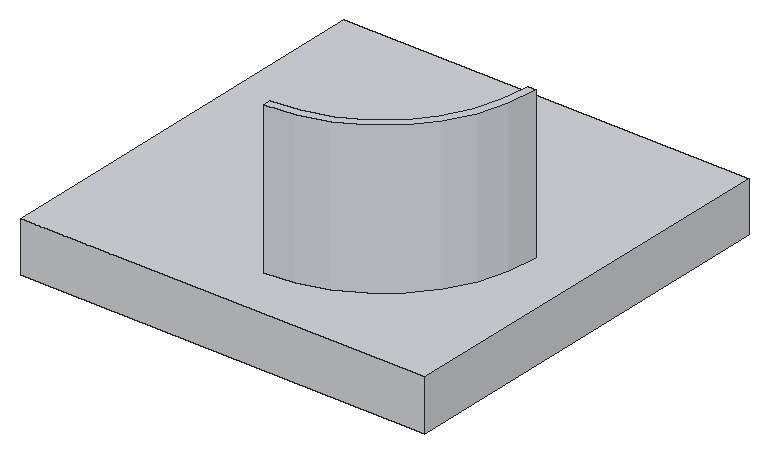
Revit family
Parameters
  Width = 0' - 1 15/16"
  URL = "www.coldspringgranite.com"
  TypicalJointSize = 0' - 0 1/4"
  TopJointOff = no
  TopJoint = if(TopJointOff, 0' 0", TypicalJointSize / 2)  # 0' - 0 1/8"
  StoneOutsideRight = sqrt(OutsideRadius ^ 2 - RightJoint ^ 2)  # 2' - 11.99978"
  StoneOutsideLeft = sqrt(OutsideRadius ^ 2 - LeftJoint ^ 2)  # 2' - 11.99978"
  StoneMaterial = none
  StoneInsideRight = sqrt(InsideRadius ^ 2 - RightJoint ^ 2)  # 2' - 10.06227"
  StoneInsideLeft = sqrt(InsideRadius ^ 2 - LeftJoint ^ 2)  # 2' - 10.06227"
  RightJointOff = no
  RightJoint = if(RightJointOff, 0' 0", TypicalJointSize / 2)  # 0' - 0 1/8"
  Product Name = "Wall Facing Stone Panels - Radial at 90 Degrees"
  Product Documentation Link = "http://www.coldspringgranite.com/BIM_Families/Family_Detail/Wall_Facing_Stone_Panels_-_Radial_at_90_Degrees/"
  PhoneNumber = "800-551-7502"
  OutsideRadius = 3' - 0"
  Notes = ""
  Model = "N/A"
  Manufacturer = "Cold Spring Granite Company"
  Low Emitting Material = yes
  Low Emitting Finish = yes
  Location = "17482 Granite West Road, Cold Spring, MN  56320-4578"
  Length = 2 * OutsideRadius * sin(45.00°)  # 4' - 2.91169"
  LeftJointOff = no
  LeftJoint = if(LeftJointOff, 0' 0", TypicalJointSize / 2)  # 0' - 0 1/8"
  LEED Credit = ""
  Keynote = "044256"
  InsideRadius = OutsideRadius - Width  # 2' - 10 1/16"
  Height = 3' - 0"
  Description = "Radial Wall Facing - 90 Degrees"
  Default Elevation = 0' - 0"
  BottomJointOff = no
  BottomJoint = if(BottomJointOff, 0' 0", TypicalJointSize / 2)  # 0' - 0 1/8"
  Assembly Code = "B2010160"
Reference planes (in)
  plane 1 "Center (Front/Back)": y = 0
  plane 2: z = 0
  plane 3 "Center (Left/Right)": x = 0
  plane 4 "StoneRightJoint": y = -0.125
  plane 5 "StoneLeftJoint": x = 0.125
  plane 6 "LeftOutside": y = -36
  plane 7 "RightOutside": x = 36
  plane 8 "LeftInside": y = -34.0625
  plane 9 "RightInside": x = 34.0625
  plane 10 "StoneLeftOutside": y = -35.99978
  plane 11 "StoneLeftInside": y = -34.06227
  plane 12 "StoneRightOutside": x = 35.99978
  plane 13 "StoneRightInside": x = 34.06227
  plane 14 "StoneBottom": z = 0.125
  plane 15 "StoneTop": z = 35.875
  plane 16 "Top": z = 36
Forms (in)
  Extrusion 1, solid
    sketch origin (0, 0, 0) x (1, 0, 0) y (0, 1, 0)
      loop
        line (-48, 48) -> (-48, -48) -> (48, -48) -> (48, 48) -> (-48, 48)
    from 0 to -12
  Extrusion 2, solid, material <- "StoneMaterial", detail levels coarse
    sketch origin (0, 0, 0) x (1, 0, 0) y (0, 1, 0)
      loop
        arc (0, -36) -> (25.45584, -25.45584) -> (36, 0) r 36
        line (36, 0) -> (34.0625, 0)
        arc (34.0625, 0) -> (24.08582, -24.08582) -> (0, -34.0625) r 34.0625
        line (0, -34.0625) -> (0, -36)
    from 0 to 36
  Extrusion 3, solid, material <- "StoneMaterial", detail levels medium+fine
    sketch origin (0, 0, 0) x (1, 0, 0) y (0, 1, 0)
      loop
        arc (0.125, -35.99978) -> (25.45584, -25.45584) -> (35.99978, -0.125) r 36
        line (35.99978, -0.125) -> (34.06227, -0.125)
        arc (34.06227, -0.125) -> (24.08582, -24.08582) -> (0.125, -34.06227) r 34.0625
        line (0.125, -34.06227) -> (0.125, -35.99978)
    from 0.125 to 35.875
Lines and regions (in)
  Masking region 1, detail levels coarse
    outline origin (0, 0, 0) x (1, 0, 0) y (0, 1, 0)
      loop
        arc (0, -36) -> (25.45584, -25.45584) -> (36, 0) r 36
        line (36, 0) -> (34.0625, 0)
        arc (34.0625, 0) -> (24.08582, -24.08582) -> (0, -34.0625) r 34.0625
        line (0, -34.0625) -> (0, -36)
  Masking region 2, detail levels medium+fine
    outline origin (0, 0, 0) x (1, 0, 0) y (0, 1, 0)
      loop
        arc (0.125, -35.99978) -> (25.45584, -25.45584) -> (35.99978, -0.125) r 36
        line (35.99978, -0.125) -> (34.06227, -0.125)
        arc (34.06227, -0.125) -> (24.08582, -24.08582) -> (0.125, -34.06227) r 34.0625
        line (0.125, -34.06227) -> (0.125, -35.99978)
  Masking region 3, detail levels coarse
    outline origin (0, -36, 0) x (-1, 0, 0) y (0, 0, 1)
      loop
        line (0, 0) -> (0, 36) -> (-36, 36) -> (-36, 0) -> (0, 0)
  Masking region 4, detail levels medium
    outline origin (0, -36, 0) x (-1, 0, 0) y (0, 0, 1)
      loop
        line (-0.125, 0.125) -> (-0.125, 35.875) -> (-35.99978, 35.875) -> (-35.99978, 0.125) -> (-0.125, 0.125)
  Masking region 5, detail levels fine
    outline origin (0, 0, 0) x (1, 0, 0) y (0, 0, 1)
      loop
        line (34.06227, 35.875) -> (34.06227, 0.125) -> (35.99978, 0.125) -> (35.99978, 35.875) -> (34.06227, 35.875)
  Masking region 6, detail levels coarse
    outline origin (36, 0, 0) x (0, 1, 0) y (0, 0, 1)
      loop
        line (0, 0) -> (0, 36) -> (-36, 36) -> (-36, 0) -> (0, 0)
  Masking region 7, detail levels medium
    outline origin (36, 0, 0) x (0, 1, 0) y (0, 0, 1)
      loop
        line (-0.125, 0.125) -> (-0.125, 35.875) -> (-35.99978, 35.875) -> (-35.99978, 0.125) -> (-0.125, 0.125)
  Masking region 8, detail levels fine
    outline origin (0, 0, 0) x (0, 1, 0) y (0, 0, 1)
      loop
        line (-34.06227, 35.875) -> (-35.99978, 35.875) -> (-35.99978, 0.125) -> (-34.06227, 0.125) -> (-34.06227, 35.875)
  symbolic lines, detail levels coarse
    curve 1: line (34.0625, 0, 36) -> (34.0625, 0, 0)
    curve 3: line (0, -34.0625, 36) -> (0, -34.0625, 0)
  symbolic lines, detail levels medium
    curve 2: line (34.06227, 0, 0.125) -> (34.06227, 0, 35.875)
    curve 4: line (0, -34.06227, 35.875) -> (0, -34.06227, 0.125)
Dimensions and locks (in)
  "OutsideRadius": plane 6 "LeftOutside" to plane 1 "Center (Front/Back)"
  "InsideRadius": plane 8 "LeftInside" to plane 1 "Center (Front/Back)"
  "StoneOutsideLeft": plane 10 "StoneLeftOutside" to plane 1 "Center (Front/Back)"
  "StoneInsideLeft": plane 11 "StoneLeftInside" to plane 1 "Center (Front/Back)"
  "RightJoint": plane 4 "StoneRightJoint" to plane 1 "Center (Front/Back)"
  "OutsideRadius": plane 3 "Center (Left/Right)" to plane 7 "RightOutside"
  "StoneOutsideRight": plane 3 "Center (Left/Right)" to plane 12 "StoneRightOutside"
  "InsideRadius": plane 3 "Center (Left/Right)" to plane 9 "RightInside"
  "StoneInsideRight": plane 3 "Center (Left/Right)" to plane 13 "StoneRightInside"
  "LeftJoint": plane 3 "Center (Left/Right)" to plane 5 "StoneLeftJoint"
  "Height": plane 16 "Top" to plane 2
  "BottomJoint": plane 14 "StoneBottom" to plane 2
  "TopJoint": plane 16 "Top" to plane 15 "StoneTop"
  "InsideRadius": radius of Extrusion 2 sketch curve
  "OutsideRadius": radius of Extrusion 2 sketch curve
  "InsideRadius": radius of Extrusion 3 sketch curve
  "OutsideRadius": radius of Extrusion 3 sketch curve
  "InsideRadius": radius of Masking region 1 sketch curve
  "OutsideRadius": radius of Masking region 1 sketch curve
  "InsideRadius": radius of Masking region 2 sketch curve
  "OutsideRadius": radius of Masking region 2 sketch curve
  aligned and locked: plane 2 to Extrusion 1
  aligned and locked: level to Extrusion 1
  aligned and locked: plane 6 "LeftOutside" to Extrusion 2 sketch curve
  aligned and locked: plane 8 "LeftInside" to Extrusion 2 sketch curve
  aligned and locked: plane 3 "Center (Left/Right)" to Extrusion 2 sketch curve  (x2)
  aligned and locked: plane 1 "Center (Front/Back)" to Extrusion 2 sketch curve  (x2)
  aligned and locked: plane 9 "RightInside" to Extrusion 2 sketch curve
  aligned and locked: plane 7 "RightOutside" to Extrusion 2 sketch curve
  aligned and locked: Extrusion 2 to plane 2
  aligned and locked: plane 16 "Top" to Extrusion 2
  aligned and locked: plane 10 "StoneLeftOutside" to Extrusion 3 sketch curve
  aligned and locked: plane 11 "StoneLeftInside" to Extrusion 3 sketch curve
  aligned and locked: plane 13 "StoneRightInside" to Extrusion 3 sketch curve
  aligned and locked: plane 12 "StoneRightOutside" to Extrusion 3 sketch curve
  aligned and locked: Extrusion 3 sketch curve to plane 5 "StoneLeftJoint"
  aligned and locked: Extrusion 3 sketch curve to plane 4 "StoneRightJoint"
  aligned and locked: Extrusion 3 to plane 14 "StoneBottom"
  aligned and locked: plane 15 "StoneTop" to Extrusion 3
  aligned and locked: plane 3 "Center (Left/Right)" to Masking region 1 sketch curve  (x2)
  aligned and locked: plane 6 "LeftOutside" to Masking region 1 sketch curve
  aligned and locked: plane 8 "LeftInside" to Masking region 1 sketch curve
  aligned and locked: plane 1 "Center (Front/Back)" to Masking region 1 sketch curve
  aligned and locked: plane 9 "RightInside" to Masking region 1 sketch curve
  aligned and locked: plane 7 "RightOutside" to Masking region 1 sketch curve
  aligned and locked: Masking region 1 sketch curve to plane 1 "Center (Front/Back)"
  aligned and locked: plane 11 "StoneLeftInside" to Masking region 2 sketch curve
  aligned and locked: plane 10 "StoneLeftOutside" to Masking region 2 sketch curve
  aligned and locked: plane 13 "StoneRightInside" to Masking region 2 sketch curve
  aligned and locked: plane 12 "StoneRightOutside" to Masking region 2 sketch curve
  aligned and locked: Masking region 2 sketch curve to plane 5 "StoneLeftJoint"
  aligned and locked: Masking region 2 sketch curve to plane 4 "StoneRightJoint"
  aligned and locked: Masking region 3 sketch curve to plane 2
  aligned and locked: Masking region 3 sketch curve to plane 16 "Top"
  aligned and locked: Masking region 3 sketch curve to plane 3 "Center (Left/Right)"
  aligned and locked: Masking region 3 sketch curve to plane 7 "RightOutside"
  aligned and locked: plane 2 to curve 1
  aligned and locked: plane 16 "Top" to curve 1
  aligned and locked: curve 1 to plane 9 "RightInside"
  aligned and locked: Masking region 4 sketch curve to plane 14 "StoneBottom"
  aligned and locked: Masking region 4 sketch curve to plane 15 "StoneTop"
  aligned and locked: Masking region 4 sketch curve to plane 5 "StoneLeftJoint"
  aligned and locked: Masking region 4 sketch curve to plane 12 "StoneRightOutside"
  aligned and locked: plane 15 "StoneTop" to curve 2
  aligned and locked: plane 14 "StoneBottom" to curve 2
  aligned and locked: plane 13 "StoneRightInside" to curve 2
  aligned and locked: Masking region 5 sketch curve to plane 15 "StoneTop"
  aligned and locked: Masking region 5 sketch curve to plane 14 "StoneBottom"
  aligned and locked: Masking region 5 sketch curve to plane 12 "StoneRightOutside"
  aligned and locked: Masking region 5 sketch curve to plane 13 "StoneRightInside"
  aligned and locked: plane 2 to Masking region 6 sketch curve
  aligned and locked: plane 16 "Top" to Masking region 6 sketch curve
  aligned and locked: plane 6 "LeftOutside" to Masking region 6 sketch curve
  aligned and locked: plane 1 "Center (Front/Back)" to Masking region 6 sketch curve
  aligned and locked: plane 16 "Top" to curve 3
  aligned and locked: plane 2 to curve 3
  aligned and locked: plane 8 "LeftInside" to curve 3
  aligned and locked: plane 14 "StoneBottom" to Masking region 7 sketch curve
  aligned and locked: plane 15 "StoneTop" to Masking region 7 sketch curve
  aligned and locked: plane 4 "StoneRightJoint" to Masking region 7 sketch curve
  aligned and locked: plane 10 "StoneLeftOutside" to Masking region 7 sketch curve
  aligned and locked: plane 15 "StoneTop" to curve 4
  aligned and locked: plane 14 "StoneBottom" to curve 4
  aligned and locked: plane 11 "StoneLeftInside" to curve 4
  aligned and locked: plane 15 "StoneTop" to Masking region 8 sketch curve
  aligned and locked: plane 14 "StoneBottom" to Masking region 8 sketch curve
  aligned and locked: plane 10 "StoneLeftOutside" to Masking region 8 sketch curve
  aligned and locked: plane 11 "StoneLeftInside" to Masking region 8 sketch curve
Automatic sketch dimensions
  Extrusion 1 sketch curve to Extrusion 1 sketch curve = 8' - 0"  (x2)
Nested families (in)
  nested 1: "CopyRight" at (0, 0, 0), type "CopyRight"
Definition of nested family "CopyRight"
  Parameters (values of type "CopyRight")
    CopyRight = "Cold Spring Granite Company"
  Reference planes (in)
    plane 1: z = 0
